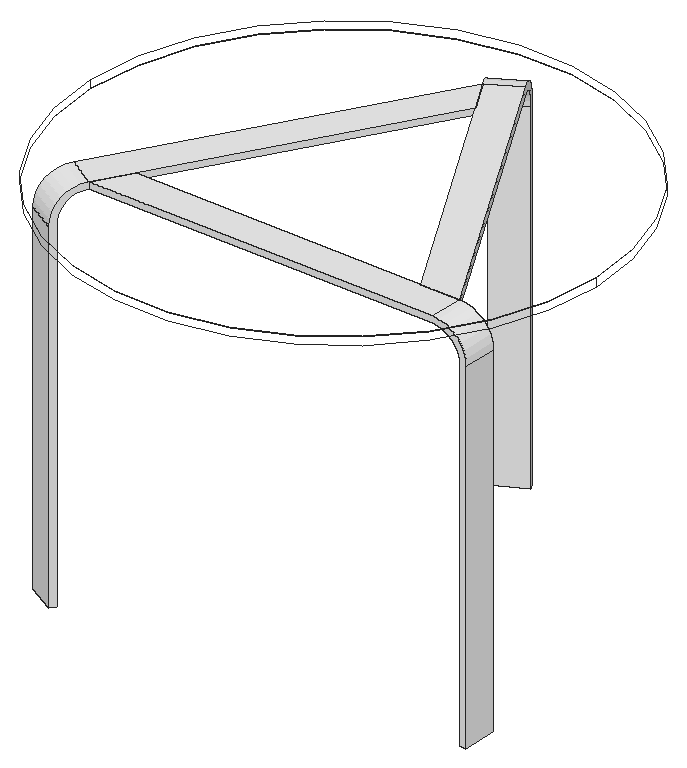
Revit family "Table-Coffee-Teknion-STTSD_Spectrum-R2011", category Furniture, Revit 2013
Parameters (values of type "22 3/4" High")
  Width = 2' - 6"  # constant formula
  Warranty = "http://www.teknionstudio.com/pdfs/Teknion%20Studio%20Warranty.pdf"
  URL = "www.teknionstudio.com"
  Surface and Edge Trim Finish [instance] = Glass - Teknion - G - Clear Flat Edge
  Series = "Teknion Studio"
  Salvage or Reuse = yes
  Product Page URL = "http://www.teknionstudio.com/spectrum_tables/#.UkReCD8QP-o"
  Product Line = "Spectrum"  # constant formula
  Product Documentation Link = "http://www.teknionstudio.com/pricing/STTSD_ppg.pdf"
  Percentage of Recycled Content = 0
  Part Number = "STTSD"  # constant formula
  Model = "STTSDE"
  Manufacturer Phone = "919-464-2920"  # constant formula
  Manufacturer Fax = "919-464-2927"  # constant formula
  Manufacturer Email = "mailto:customersupport@teknionstudio.com"
  Manufacturer Address = "3940 US 70 Business HWY West, Clayton, NC 27520"  # constant formula
  Manufacturer = "Teknion Studio"  # constant formula
  Low Emitting Material = yes
  Low Emitting Finish = yes
  Height = 1' - 10 3/4"
  Frame Finish [instance] = Metal - Teknion - C6 - Chrome
  Description = "Spectrum Round Table, 22 3/4\" (58cm) High Height"
  Depth = 2' - 6"  # constant formula
  Assembly Code = "E2020200"
Types (3): name | Model | Height | Description
  (no name) | "STTSDE" | 1' - 10 3/4" | "Spectrum Round Table, 22 3/4\" (58cm) High Height"
  17 3/4" High | "STTSDB" | 1' - 5 3/4" | "Spectrum Round Table, 17 3/4\" (45cm) Low Height"
  22 3/4" High | "STTSDE" | 1' - 10 3/4" | "Spectrum Round Table, 22 3/4\" (58cm) High Height"
Reference planes (in)
  plane 1 "Center F/B": y = 0
  plane 2: z = 0
  plane 3 "Center L/R": x = 0
  plane 4 "Left": x = -15
  plane 5 "Right": x = 15
  plane 6 "Back": y = 15
  plane 7 "Front": y = -15
  plane 8 "Top": z = 22.75
  plane 9: z = 22.25
Forms (in)
  Extrusion 1, solid, material "Glass - Teknion - G - Clear Flat Edge" <- "Surface and Edge Trim Finish"
    sketch origin (0, 0, 0) x (1, 0, 0) y (0, 1, 0)
      loop
        circle (0, 0) r 15
    from 22.25 to 22.75
Lines and regions (in)
  Masking region 1
    outline origin (0, 0, 22.75) x (-1, 0, 0) y (0, -1, 0)
      loop
        circle (0, 0) r 15
  Masking region 2
    outline origin (0, 0, 0) x (1, 0, 0) y (0, 0, 1)
      loop
        line (-15, 22.75) -> (-15, 22.25) -> (15, 22.25) -> (15, 22.75) -> (-15, 22.75)
  Masking region 3
    outline origin (0, 0, 0) x (0, 1, 0) y (0, 0, 1)
      loop
        line (15, 22.25) -> (15, 22.75) -> (-15, 22.75) -> (-15, 22.25) -> (15, 22.25)
  symbolic lines, style "Hidden Lines", detail levels medium+fine
    curve 1: line (-1.1547, 11.76179, 22.75) -> (-12.34055, -7.61267, 22.75)
    curve 2: line (-12.34055, -7.61267, 22.75) -> (-10.6085, -8.61267, 22.75)
    curve 3: line (-10.6085, -8.61267, 22.75) -> (0, 9.76179, 22.75)
    curve 4: line (-2.15454, 13.49357, 22.75) -> (8.45396, -4.88089, 22.75)
    curve 5: line (12.76336, -4.88089, 22.75) -> (-8.45396, -4.88089, 22.75)
    curve 6: line (12.76336, -6.88089, 22.75) -> (-9.60866, -6.88089, 22.75)
    curve 7: line (-0.42249, 14.49357, 22.75) -> (10.76336, -4.88089, 22.75)
    curve 8: line (-2.15454, 13.49357, 22.75) -> (-0.42249, 14.49357, 22.75)
    curve 9: line (12.76336, -4.88089, 22.75) -> (12.76336, -6.88089, 22.75)
Dimensions and locks (in)
  "Height": plane 8 "Top" to level
  equal spacing: plane 4 "Left", plane 3 "Center L/R", plane 5 "Right"
  "Width": plane 4 "Left" to plane 5 "Right"
  equal spacing: plane 6 "Back", plane 1 "Center F/B", plane 7 "Front"
  "Depth": plane 6 "Back" to plane 7 "Front"
  locked: plane 8 "Top" to plane 9 at 0.5
  locked: curve 1 to curve 3 at 2
  locked: curve 5 to curve 6 at 2
  locked: curve 4 to curve 7 at 2
  locked: curve 4 to curve 8 at 21.217
  curve 6 to plane 3 "Center L/R" to curve 9 = 0' - 9.60866" locked, 1' - 0.76336" locked
  curve 2 to curve 3 = 1' - 9.217"
  locked: plane 1 "Center F/B" to curve 8 at 14.49357
  locked: curve 6 to plane 1 "Center F/B" at 6.88089
  locked: curve 3 to plane 1 "Center F/B" at 8.61267
  locked: Extrusion 1 sketch curve to Extrusion 1 sketch curve (radius 1' - 3")
  locked: Masking region 1 sketch curve to Masking region 1 sketch curve (radius 1' - 3")
  radius of Extrusion 1 sketch curve = 1' - 3"
  aligned and locked: level to plane 2
  aligned and locked: Extrusion 1 to plane 9
  aligned and locked: plane 8 "Top" to Extrusion 1
  aligned and locked: plane 3 "Center L/R" to nested 1
  aligned and locked: plane 1 "Center F/B" to nested 1
  aligned and locked: Masking region 2 sketch curve to plane 8 "Top"
  aligned and locked: Masking region 2 sketch curve to plane 9
  aligned and locked: Masking region 2 sketch curve to plane 5 "Right"
  aligned and locked: Masking region 2 sketch curve to plane 4 "Left"
  aligned and locked: plane 6 "Back" to Masking region 3 sketch curve
  aligned and locked: plane 7 "Front" to Masking region 3 sketch curve
  aligned and locked: plane 8 "Top" to Masking region 3 sketch curve
  aligned and locked: plane 9 to Masking region 3 sketch curve
  aligned and locked: plane 3 "Center L/R" to Extrusion 1 sketch curve
  aligned and locked: plane 1 "Center F/B" to Extrusion 1 sketch curve
Automatic sketch dimensions
  plane 1 "Center F/B" to Masking region 1 sketch curve = 0' - 0"
  Masking region 1 sketch curve to plane 3 "Center L/R" = 0' - 0"
  curve 3 to plane 3 "Center L/R" = 0' - 0"
Nested families (in)
  nested 1: "Table-Dining-Teknion-Spectrum_Frame" at (0, 0, 0), Frame Finish <- "Frame Finish", Height <- "Height", type "Frame"
    with Height 1' - 10 3/4", Frame Finish Metal - Teknion - C6 - Chrome
Definition of nested family "Table-Dining-Teknion-Spectrum_Frame"
  Parameters (values of type "Frame")
    Unit Weight = 0.00 lbf
    Salvage or Reuse = yes
    Radio = 1' - 3"
    Product Page URL = ""
    Product Documentation Link = ""
    Percentage of Recycled Content = 0
    Manufacturer Phone = ""
    Manufacturer Fax = ""
    Manufacturer Email = ""
    Manufacturer Address = ""
    Low Emitting Material = yes
    Low Emitting Finish = yes
    Installation Type = ""
    Height [instance] = 1' - 10 3/4"
    Frame Finish [instance] = Metal - Teknion - C6 - Chrome
  Reference planes (in)
    plane 1 "Center F/B": y = 0
    plane 2: z = 0
    plane 3 "Center L/R": x = 0
    plane 4 "Top": z = 22.75
    plane 5 "Right Support": through (-1.1547, 11.76179, 48) normal (-0.866, -0.5, 0)
    plane 6 "Left Support": through (1.1547, 11.76179, 48) normal (-0.866, 0.5, 0)
    plane 7 "Front Support": y = -4.88089
    plane 8: z = 22.25
  Forms (in)
    Sweep 1, solid, material "Metal - Teknion - C6 - Chrome" <- "Frame Finish"
      path origin (0, -4.88089, 0) x (-1, 0, 0) y (0, 0, 1)
        loop
          line (-12.38836, 0) -> (-12.38836, 20.25)
          arc (-12.38836, 20.25) -> (-11.91241, 21.39905) -> (-10.76336, 21.875) r 1.625
          line (-10.76336, 21.875) -> (9.60866, 21.875)
      profile origin (12.38836, -4.88089, 10.125) x (0, 1, 0) y (-1, 0, 0)
        loop
          line (-2, -0.375) -> (0, -0.375) -> (0, 0) -> (-2, 0) -> (-2, -0.375)
    Sweep 2, solid, material "Metal - Teknion - C6 - Chrome" <- "Frame Finish"
      path origin (-4.22698, 2.44045, 0) x (-0.5, -0.866025, 0) y (0, 0, 1)
        loop
          line (12.37928, 0) -> (12.37928, 20.25)
          arc (12.37928, 20.25) -> (11.90333, 21.39905) -> (10.75428, 21.875) r 1.625
          line (10.75428, 21.875) -> (-9.61774, 21.875)
      profile origin (-10.41662, -8.28032, 10.125) x (0.866025, -0.5, 0) y (0.5, 0.866025, 0)
        loop
          line (-2, -0.375) -> (0, -0.375) -> (0, 0) -> (-2, 0) -> (-2, -0.375)
    Sweep 3, solid, material "Metal - Teknion - C6 - Chrome" <- "Frame Finish"
      path origin (4.22698, 2.44045, 0) x (0.5, -0.866025, 0) y (0, 0, 1)
        loop
          line (-12.38836, 0) -> (-12.38836, 20.25)
          arc (-12.38836, 20.25) -> (-11.91241, 21.39905) -> (-10.76336, 21.875) r 1.625
          line (-10.76336, 21.875) -> (9.60866, 21.875)
      profile origin (-1.9672, 13.16908, 10.125) x (-0.866025, -0.5, 0) y (0.5, -0.866025, 0)
        loop
          line (-2, -0.375) -> (0, -0.375) -> (0, 0) -> (-2, 0) -> (-2, -0.375)
    Extrusion 4, void
      sketch origin (0, 0, 0) x (1, 0, 0) y (0, 1, 0)
        loop
          line (-10.60412, -8.60508) -> (-8.10412, -4.27496) -> (-9.83617, -3.27496) -> (-12.33617, -7.60508) -> (-10.60412, -8.60508)
      from 0 to 22.75 <- "Height"
    Extrusion 5, void
      sketch origin (0, 0, 0) x (1, 0, 0) y (0, 1, 0)
        loop
          line (-2.1547, 13.49384) -> (0.3453, 9.16371) -> (2.07735, 10.16371) -> (-0.42265, 14.49384) -> (-2.1547, 13.49384)
      from 0 to 22.25
    Extrusion 6, void
      sketch origin (0, 0, 0) x (1, 0, 0) y (0, 1, 0)
        loop
          line (11.13836, -4.88089) -> (8.13836, -4.88089) -> (8.13836, -6.88089) -> (11.13836, -6.88089) -> (11.13836, -4.88089)
      from 0 to 22.75 <- "Height"
  Cuts and joins
    Extrusion 4 cuts Sweep 1
    Extrusion 5 cuts Sweep 2
    Extrusion 6 cuts Sweep 3
  Lines and regions (in)
    Masking region 1
      outline origin (0, 0, 0) x (1, 0, 0) y (0, 1, 0)
        loop
          line (-1.1547, 11.76179) -> (-12.33617, -7.60508) -> (-10.60412, -8.60508) -> (-9.60866, -6.88089) -> (12.76336, -6.88089) -> (12.76336, -4.88089) -> (10.76336, -4.88089) -> (-0.42265, 14.49384) -> (-2.1547, 13.49384) -> (-1.1547, 11.76179)
        loop
          line (-8.45396, -4.88089) -> (8.45396, -4.88089) -> (0, 9.76179) -> (-8.45396, -4.88089)
    Masking region 2
      outline origin (0, 0, 0) x (1, 0, 0) y (0, 0, 1)
        loop
          line (-12.33617, 20.25) -> (-12.33617, 0) -> (-10.41662, 0) -> (-10.41662, 20.25)
          spline (-10.41662, 20.25) -> (-10.40967, 20.46211) -> (-10.38893, 20.67058) -> (-10.35477, 20.87186) -> (-10.30776, 21.0625) -> (-10.24872, 21.23924) -> (-10.17864, 21.39905) -> (-10.09874, 21.5392) -> (-10.01037, 21.65729) -> (-9.91505, 21.7513) -> (-9.81441, 21.81963) -> (-9.71017, 21.8611) -> (-9.60412, 21.875)
          line (-9.60412, 21.875) -> (-1.73766, 21.875)
          spline (-1.73766, 21.875) -> (-1.79999, 21.77787) -> (-1.85829, 21.67121) -> (-1.9122, 21.55567) -> (-1.96138, 21.43198) -> (-2.00552, 21.30091) -> (-2.04435, 21.16328) -> (-2.07763, 21.01995) -> (-2.10514, 20.87181) -> (-2.12672, 20.71978) -> (-2.14223, 20.56483) -> (-2.15158, 20.40791) -> (-2.1547, 20.25)
          line (-2.1547, 20.25) -> (-2.1547, 0) -> (-0.23515, 0) -> (-0.23515, 20.25)
          spline (-0.23515, 20.25) -> (-0.2282, 20.46211) -> (-0.20746, 20.67058) -> (-0.1733, 20.87186) -> (-0.1263, 21.0625) -> (-0.06725, 21.23924) -> (0.00283, 21.39905) -> (0.08273, 21.5392) -> (0.1711, 21.65729) -> (0.26642, 21.7513) -> (0.36706, 21.81963) -> (0.4713, 21.8611) -> (0.57735, 21.875)
          line (0.57735, 21.875) -> (10.76336, 21.875)
          arc (10.76336, 21.875) -> (11.91241, 21.39905) -> (12.38836, 20.25) r 1.625
          line (12.38836, 20.25) -> (12.38836, 0) -> (12.76336, 0) -> (12.76336, 20.25)
          arc (12.76336, 20.25) -> (12.17757, 21.66421) -> (10.76336, 22.25) r 2
          line (10.76336, 22.25) -> (-11.33617, 22.25)
          spline (-11.33617, 22.25) -> (-11.46669, 22.23289) -> (-11.59499, 22.18185) -> (-11.71885, 22.09776) -> (-11.83617, 21.98205) -> (-11.94493, 21.83671) -> (-12.04328, 21.66421) -> (-12.12952, 21.46752) -> (-12.20219, 21.25) -> (-12.26005, 21.01537) -> (-12.30209, 20.76764) -> (-12.32761, 20.51105) -> (-12.33617, 20.25)
    Masking region 3
      outline origin (0, 0, 0) x (0, 1, 0) y (0, 0, 1)
        loop
          line (12.76179, 22.25) -> (-6.87303, 22.25)
          spline (-6.87303, 22.25) -> (-7.09911, 22.23289) -> (-7.32132, 22.18185) -> (-7.53586, 22.09776) -> (-7.73906, 21.98205) -> (-7.92744, 21.83671) -> (-8.09778, 21.66421) -> (-8.24716, 21.46752) -> (-8.37303, 21.25) -> (-8.47324, 21.01537) -> (-8.54606, 20.76764) -> (-8.59026, 20.51105) -> (-8.60508, 20.25)
          line (-8.60508, 20.25) -> (-8.60508, 0) -> (-7.28032, 0) -> (-7.28032, 20.25)
          spline (-7.28032, 20.25) -> (-7.27741, 20.35454) -> (-7.26868, 20.45864) -> (-7.25416, 20.56188) -> (-7.23392, 20.66383) -> (-7.20805, 20.76406) -> (-7.17665, 20.86216) -> (-7.13984, 20.95773) -> (-7.09779, 21.05036) -> (-7.05066, 21.13968) -> (-6.99866, 21.22532) -> (-6.94199, 21.30691) -> (-6.88089, 21.38413)
          line (-6.88089, 21.38413) -> (-6.88089, 0) -> (-4.88089, 0) -> (-4.88089, 21.875) -> (11.76179, 21.875)
          spline (11.76179, 21.875) -> (11.94548, 21.8611) -> (12.12602, 21.81963) -> (12.30034, 21.7513) -> (12.46543, 21.65729) -> (12.61849, 21.5392) -> (12.75689, 21.39905) -> (12.87827, 21.23924) -> (12.98054, 21.0625) -> (13.06196, 20.87186) -> (13.12113, 20.67058) -> (13.15704, 20.46211) -> (13.16908, 20.25)
          line (13.16908, 20.25) -> (13.16908, 0) -> (14.49384, 0) -> (14.49384, 20.25)
          spline (14.49384, 20.25) -> (14.47902, 20.51105) -> (14.43482, 20.76764) -> (14.36199, 21.01537) -> (14.26179, 21.25) -> (14.13592, 21.46752) -> (13.98653, 21.66421) -> (13.81619, 21.83671) -> (13.62781, 21.98205) -> (13.42462, 22.09776) -> (13.21008, 22.18185) -> (12.98787, 22.23289) -> (12.76179, 22.25)
    symbolic lines
      curve 1: line (-1.1547, 11.76179, 0) -> (0, 9.76179, 0)
      curve 2: line (-9.60412, -6.87303, 0) -> (-8.45396, -4.88089, 0)
      curve 3: line (8.45396, -4.88089, 0) -> (10.76336, -4.88089, 0)
      curve 13: line (0, -5.87303, 21.875) -> (0, -4.88089, 21.875)
      curve 14: spline (0, -5.87303, 21.875) -> (0, -6.05672, 21.8611) -> (0, -6.23727, 21.81963) -> (0, -6.41158, 21.7513) -> (0, -6.57668, 21.65729) -> (0, -6.72974, 21.5392) -> (0, -6.86814, 21.39905) -> (0, -6.98951, 21.23924) -> (0, -7.09178, 21.0625) -> (0, -7.1732, 20.87186) -> (0, -7.23237, 20.67058) -> (0, -7.26828, 20.46211) -> (0, -7.28032, 20.25)
      curve 19: spline (-1.1547, 0, 22.25) -> (-1.28523, 0, 22.23289) -> (-1.41352, 0, 22.18185) -> (-1.53738, 0, 22.09776) -> (-1.6547, 0, 21.98205) -> (-1.76346, 0, 21.83671) -> (-1.86181, 0, 21.66421) -> (-1.94805, 0, 21.46752) -> (-2.02073, 0, 21.25) -> (-2.07858, 0, 21.01537) -> (-2.12063, 0, 20.76764) -> (-2.14615, 0, 20.51105) -> (-2.1547, 0, 20.25)
    symbolic lines, style "Hidden Lines", detail levels fine
      curve 4: line (-12.14867, -7.28032, 0) -> (-10.41662, -8.28032, 0)
      curve 5: line (-1.9672, 13.16908, 0) -> (-0.23515, 14.16908, 0)
      curve 6: line (12.38836, -4.88089, 0) -> (12.38836, -6.88089, 0)
    symbolic lines, style "Furniture", detail levels medium+fine
      curve 7: spline (-9.60412, 0, 22.25) -> (-9.73464, 0, 22.23289) -> (-9.86294, 0, 22.18185) -> (-9.9868, 0, 22.09776) -> (-10.10412, 0, 21.98205) -> (-10.21288, 0, 21.83671) -> (-10.31122, 0, 21.66421) -> (-10.39747, 0, 21.46752) -> (-10.47014, 0, 21.25) -> (-10.528, 0, 21.01537) -> (-10.57004, 0, 20.76764) -> (-10.59556, 0, 20.51105) -> (-10.60412, 0, 20.25)
      curve 8: line (-10.60412, 0, 20.25) -> (-10.60412, 0, 0)
      curve 9: spline (-0.42265, 0, 20.25) -> (-0.41409, 0, 20.51105) -> (-0.38858, 0, 20.76764) -> (-0.34653, 0, 21.01537) -> (-0.28868, 0, 21.25) -> (-0.216, 0, 21.46752) -> (-0.12976, 0, 21.66421) -> (-0.03141, 0, 21.83671) -> (0.07735, 0, 21.98205) -> (0.19467, 0, 22.09776) -> (0.31853, 0, 22.18185) -> (0.44682, 0, 22.23289) -> (0.57735, 0, 22.25)
      curve 10: line (-0.42265, 0, 20.25) -> (-0.42265, 0, 0)
      curve 11: line (10.76336, 0, 22.25) -> (10.76336, 0, 21.875)
      curve 12: line (8.45396, 0, 21.875) -> (8.45396, 0, 22.25)
    symbolic lines, detail levels medium+fine
      curve 15: spline (0, 11.76179, 22.25) -> (0, 11.98787, 22.23289) -> (0, 12.21008, 22.18185) -> (0, 12.42462, 22.09776) -> (0, 12.62781, 21.98205) -> (0, 12.81619, 21.83671) -> (0, 12.98653, 21.66421) -> (0, 13.13592, 21.46752) -> (0, 13.26179, 21.25) -> (0, 13.36199, 21.01537) -> (0, 13.43482, 20.76764) -> (0, 13.47902, 20.51105) -> (0, 13.49384, 20.25)
      curve 16: line (0, 13.49384, 20.25) -> (0, 13.49384, 0)
      curve 17: spline (0, -7.60508, 20.25) -> (0, -7.59026, 20.51105) -> (0, -7.54606, 20.76764) -> (0, -7.47324, 21.01537) -> (0, -7.37303, 21.25) -> (0, -7.24716, 21.46752) -> (0, -7.09778, 21.66421) -> (0, -6.92744, 21.83671) -> (0, -6.73906, 21.98205) -> (0, -6.53586, 22.09776) -> (0, -6.32132, 22.18185) -> (0, -6.09911, 22.23289) -> (0, -5.87303, 22.25)
      curve 18: line (0, -7.60508, 20.25) -> (0, -7.60508, 0)
  Dimensions and locks (in)
    "Height": plane 4 "Top" to level
    locked: plane 7 "Front Support" to Sweep 1 sketch curve at 2
    locked: Sweep 1 sketch curve to Sweep 1 sketch curve at 0.375
    locked: plane 3 "Center L/R" to Sweep 1 sketch curve at 12.38836
    locked: plane 4 "Top" to Sweep 1 sketch curve at 0.875
    locked: plane 4 "Top" to Sweep 2 sketch curve at 0.875
    locked: plane 6 "Left Support" to Sweep 2 sketch curve at 2
    locked: Sweep 2 sketch curve to Sweep 2 sketch curve at 0.375
    locked: Sweep 2 sketch curve to Sweep 2 sketch curve at 21.99701
    locked: Sweep 3 sketch curve to Sweep 3 sketch curve at 0.375
    locked: Sweep 3 sketch curve to Sweep 3 sketch curve at 21.99701
    locked: plane 4 "Top" to Sweep 3 sketch curve at 0.875
    locked: plane 5 "Right Support" to Sweep 3 sketch curve at 2
    locked: plane 4 "Top" to plane 8 at 0.5
    locked: plane 7 "Front Support" to Extrusion 6 sketch curve at 2
    plane 3 "Center L/R" to Extrusion 6 sketch curve to Extrusion 6 sketch curve = 0' - 8.13836" locked, 0' - 3" locked
    locked: plane 5 "Right Support" to Extrusion 5 sketch curve at 2
    locked: Extrusion 5 sketch curve to Extrusion 5 sketch curve at 5
    locked: Extrusion 4 sketch curve to Extrusion 4 sketch curve at 5
    locked: plane 6 "Left Support" to Extrusion 4 sketch curve at 2
    locked: plane 6 "Left Support" to plane 3 "Center L/R" (angle 30.00°)
    locked: plane 3 "Center L/R" to plane 5 "Right Support" (angle 30.00°)
    aligned and locked: level to plane 2
    aligned and locked: plane 2 to Sweep 2 sketch curve
    aligned and locked: plane 2 to Sweep 3 sketch curve
    aligned and locked: Extrusion 5 sketch curve to cut or joined group of Sweep 3, Extrusion 6  (x2)
    aligned and locked: Extrusion 5 sketch curve to plane 5 "Right Support"
    aligned and locked: Extrusion 4 sketch curve to cut or joined group of Sweep 2, Extrusion 5
    aligned and locked: plane 6 "Left Support" to Extrusion 4 sketch curve
    aligned and locked: Masking region 1 sketch curve to cut or joined group of Sweep 2, Extrusion 5  (x3)
    aligned and locked: Masking region 1 sketch curve to cut or joined group of Sweep 3, Extrusion 6  (x3)
    aligned and locked: Masking region 1 sketch curve to cut or joined group of Sweep 1, Extrusion 4  (x3)
    aligned and locked: Masking region 2 sketch curve to cut or joined group of Sweep 2, Extrusion 5  (x2)
    aligned and locked: Masking region 2 sketch curve to plane 2
    aligned and locked: Masking region 2 sketch curve to cut or joined group of Sweep 3, Extrusion 6  (x2)
    aligned and locked: Masking region 2 sketch curve to cut or joined group of Sweep 1, Extrusion 4  (x3)
    aligned and locked: Masking region 2 sketch curve to plane 8
    aligned and locked: cut or joined group of Sweep 1, Extrusion 4 to Masking region 2 sketch curve
    aligned and locked: curve 8 to cut or joined group of Sweep 2, Extrusion 5
    aligned and locked: curve 10 to cut or joined group of Sweep 3, Extrusion 6
    aligned and locked: curve 11 to cut or joined group of Sweep 3, Extrusion 6
    aligned and locked: curve 12 to cut or joined group of Sweep 3, Extrusion 6
    aligned and locked: plane 8 to Masking region 3 sketch curve
    aligned and locked: plane 2 to Masking region 3 sketch curve
    aligned and locked: Masking region 3 sketch curve to cut or joined group of Sweep 3, Extrusion 6  (x2)
    aligned and locked: cut or joined group of Sweep 2, Extrusion 5 to Masking region 3 sketch curve
    aligned and locked: Masking region 3 sketch curve to cut or joined group of Sweep 2, Extrusion 5  (x2)
    aligned and locked: cut or joined group of Sweep 1, Extrusion 4 to Masking region 3 sketch curve
    aligned and locked: plane 7 "Front Support" to Masking region 3 sketch curve
    aligned and locked: cut or joined group of Sweep 2, Extrusion 5 to curve 13
    aligned and locked: curve 16 to cut or joined group of Sweep 3, Extrusion 6
    aligned and locked: curve 18 to cut or joined group of Sweep 2, Extrusion 5
  Automatic sketch dimensions
    Sweep 1 sketch curve to level = 0' - 0"
    Sweep 1 sketch curve to Sweep 1 sketch curve = 0' - 1 5/8"
    Sweep 1 sketch curve to profile plane = 0' - 0"  (x2)
    Sweep 2 sketch curve to Sweep 2 sketch curve = 0' - 1 5/8"
    profile plane to Sweep 2 sketch curve = 0' - 0"  (x2)
    Sweep 3 sketch curve to profile plane = 0' - 0"
    profile plane to Sweep 3 sketch curve = 0' - 0"
    Sweep 3 sketch curve to Sweep 3 sketch curve = 0' - 1 5/8"
    Extrusion 6 sketch curve to plane 7 "Front Support" = 0' - 0"
    Sweep 1 sketch curve to plane 3 "Center L/R" = 0' - 9.60866"
    plane 5 "Right Support" to Masking region 1 sketch curve = 0' - 0"  (x2)
    plane 6 "Left Support" to Masking region 1 sketch curve = 0' - 0"
    Masking region 1 sketch curve to plane 3 "Center L/R" = 0' - 0"
    Masking region 1 sketch curve to plane 7 "Front Support" = 0' - 0"
    plane 6 "Left Support" to curve 4 = 0' - 0"
    plane 6 "Left Support" to curve 2 = 0' - 0"  (x2)
    curve 2 to plane 7 "Front Support" = 0' - 0"
    plane 5 "Right Support" to curve 5 = 0' - 0"
    plane 5 "Right Support" to curve 1 = 0' - 0"  (x2)
    curve 1 to plane 3 "Center L/R" = 0' - 0"
    plane 5 "Right Support" to curve 3 = 0' - 0"
    curve 3 to plane 7 "Front Support" = 0' - 0"
    curve 6 to plane 7 "Front Support" = 0' - 0"
    curve 2 to plane 7 "Front Support" = 0' - 1.99214"
    curve 4 to plane 7 "Front Support" = 0' - 3.39943"
    curve 4 to plane 7 "Front Support" = 0' - 2.39943"
    curve 4 to curve 4 = 0' - 1.73205"
    curve 5 to plane 3 "Center L/R" = 0' - 1.9672"
    curve 1 to plane 3 "Center L/R" = 0' - 1.1547"
    curve 5 to plane 3 "Center L/R" = 0' - 0.23515"
    curve 3 to curve 3 = 0' - 2.3094"
    curve 3 to curve 6 = 0' - 1 5/8"
    curve 6 to plane 7 "Front Support" = 0' - 2"
    curve 5 to curve 5 = 0' - 1"
    Masking region 2 sketch curve to Masking region 2 sketch curve = 0' - 1"
    Masking region 2 sketch curve to plane 8 = 0' - 2"
    Masking region 2 sketch curve to plane 8 = 0' - 0 3/8"
    Masking region 2 sketch curve to Masking region 2 sketch curve = 0' - 1.73205"
    Masking region 2 sketch curve to Masking region 2 sketch curve = 0' - 0"  (x3)
    Masking region 2 sketch curve to plane 3 "Center L/R" = 0' - 1.73766"
    plane 3 "Center L/R" to Masking region 2 sketch curve = 0' - 0.57735"
    Masking region 2 sketch curve to plane 3 "Center L/R" = 0' - 1.1547"
    Masking region 2 sketch curve to Masking region 2 sketch curve = 0' - 0 3/8"
    Masking region 2 sketch curve to level = 0' - 0"  (x2)
    curve 7 to plane 8 = 0' - 0"
    curve 8 to level = 0' - 0"
    curve 8 to curve 7 = 0' - 1"
    curve 8 to plane 8 = 0' - 2"
    curve 9 to plane 8 = 0' - 0"
    curve 10 to level = 0' - 0"
    plane 3 "Center L/R" to curve 9 = 0' - 0.57735"
    curve 9 to plane 8 = 0' - 4"
    curve 11 to plane 8 = 0' - 0"
    curve 11 to plane 8 = 0' - 0 3/8"
    curve 12 to plane 8 = 0' - 0"
    curve 12 to plane 8 = 0' - 0 3/8"
    Masking region 3 sketch curve to Masking region 3 sketch curve = 0' - 1.40729"
    Masking region 3 sketch curve to Masking region 3 sketch curve = 0' - 1 5/8"  (x2)
    Masking region 3 sketch curve to Masking region 3 sketch curve = 0' - 2.75913"
    Masking region 3 sketch curve to Masking region 3 sketch curve = 0' - 1.99214"
    Masking region 3 sketch curve to Masking region 3 sketch curve = 0' - 0 3/8"
    Masking region 3 sketch curve to level = 0' - 0"  (x2)
    Masking region 3 sketch curve to plane 7 "Front Support" = 0' - 0.99214"
    Masking region 3 sketch curve to Masking region 3 sketch curve = 0' - 3 5/8"
    Masking region 3 sketch curve to Masking region 3 sketch curve = 0' - 1"
    curve 13 to plane 7 "Front Support" = 0' - 0"
    curve 14 to plane 7 "Front Support" = 0' - 0.99214"
    curve 14 to curve 14 = 0' - 1.40729"
    curve 14 to curve 14 = 0' - 1 5/8"
    curve 15 to plane 8 = 0' - 0"
    curve 16 to level = 0' - 0"
    curve 15 to curve 16 = 0' - 1.73205"
    curve 15 to plane 8 = 0' - 4"
    curve 17 to plane 8 = 0' - 0"
    curve 18 to level = 0' - 0"
    curve 17 to curve 13 = 0' - 0"
    curve 17 to curve 14 = 0' - 0 3/8"
    curve 19 to plane 8 = 0' - 0"
    curve 19 to curve 9 = 0' - 1.73205"
    curve 19 to plane 3 "Center L/R" = 0' - 1.1547"
    curve 19 to curve 9 = 0' - 0"
